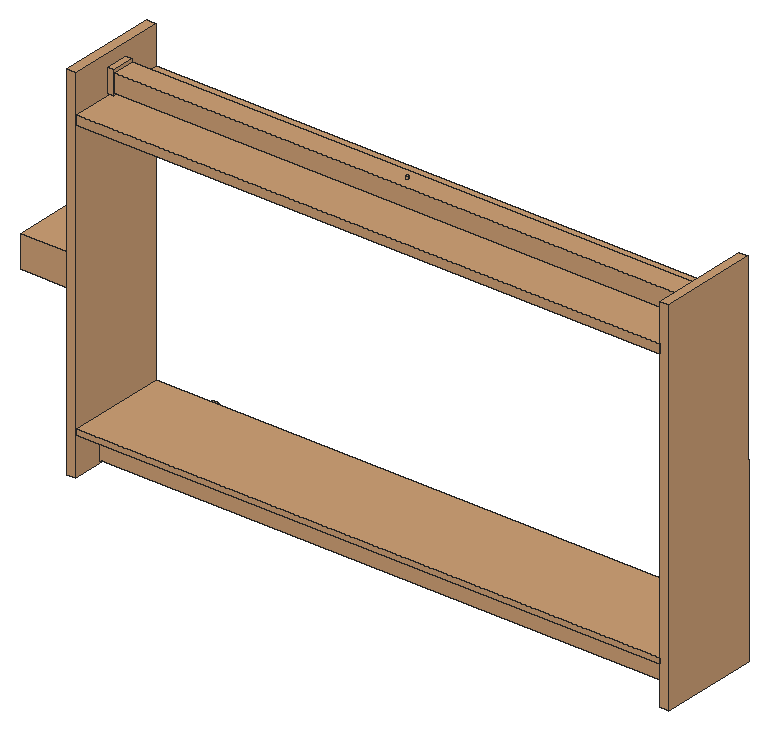
Revit family
Parameters
  Center of Unit = 0' - 0"  # constant formula
  Total Heating Capacity [instance] = 0.0 Btu/h
  Series = "VIFB"
  Outlet Area = 53.60 SF
  Lower Frame Thickness = if(Headers Height = 0' 3", 0' 1 1/4", if(Headers Height = 0' 3 1/4", 0' 1 1/4", 0' 0"))  # 0' - 1 1/4"
  Water Pressure Drop [instance] = 0.00 psi
  Water Flow [instance] = 0 GPM
  Unit Weight (lbs) = 1579
  URL = "http://www.ljwing.com/"
  Water Outlet Radius = 0' - 1 1/2"
  Headers Height = if(M = 0' 1", 0' 3", if(M = 0' 1 1/2", 0' 3 1/4", 0' 0"))  # 0' - 3 1/4"
  Number of Rows = 2  # constant formula
  Number of Coils [instance] = 0
  Nominal Length = 11' - 0 5/8"
  N = 1' - 0 3/4"
  Model = "VD-12W"
  Manufacturer = "LJ Wing"
  M = 0' - 1 1/2"
  Leaving Water Temperature [instance] = 0 °F
  Leaving Air Temperature [instance] = 0 °F
  Entering Water Temperature [instance] = 0 °F
  Entering Air Temperature [instance] = 0 °F
  Description = "Vertical Integral Face & Bypass Water Heating Coils"
  Hot Water Inlet  Radius = 0' - 1 1/2"
  Coil Face Area = Outlet Area * 0.56  # 30.016 SF
  Casing Material = ""
  Assembly Code = "D3020300"
  Air Vent Radius = 0' - 0 1/4"
  Air Pressure Drop [instance] = 0.00 in-wg
  Air Inlet Width = Nominal Length - 0' 4"  # 10' - 8 5/8"
  Air Inlet Height = Y  # 5' - 0"
  Air Flow [instance] = 0 CFM
  Y = 5' - 0"
  S = 0' - 9 3/4"  # constant formula
  Product URL = "http://www.ljwing.com/html/vifb.asp"
  OmniClass = "23-75 70 21 14 "
  Nominal Height = 6' - 8"
  Nominal Depth = 1' - 10"
  R = 0' - 10 1/4"  # constant formula
  Q = 0' - 3 5/16"
Reference planes (in)
  plane 1 "Center (Front/Back)": y = 0
  plane 2: z = -30
  plane 3 "Center (Left/Right)": x = 0
  plane 4: z = 40.25
  plane 5: x = -66.3125
  plane 6: x = 66.3125
  plane 7: z = -39.75
  plane 8: z = 0
  plane 9: y = -11
  plane 10: y = 11
  plane 11: z = 30
  plane 12: z = 32
  plane 13: z = -31.25
  plane 14: x = 64.3125
  plane 15: x = -64.3125
  plane 16: x = -63
  plane 17: x = 63
  plane 18: y = 14.0625
  plane 19: x = -77.3125
  plane 20: z = 37.125
  plane 21: z = 33.125
  plane 22: y = -2.5
  plane 23: y = 2.5
  plane 24: y = -4.5
  plane 25: z = -37.375
  plane 26: x = -53.5625
  plane 27: x = 53.5625
  plane 28: z = -33.375
Forms (in)
  Extrusion 1, solid, material "Painted Finish"
    sketch origin (0, 6, -9.75) x (1, 0, 0) y (0, 0, 1)
      loop
        line (-66.3125, -30) -> (-64.3125, -30) -> (-64.3125, 50) -> (-66.3125, 50) -> (-66.3125, -30)
      loop
        line (66.3125, -30) -> (66.3125, 50) -> (64.3125, 50) -> (64.3125, -30) -> (66.3125, -30)
    from -5 to 17
  Extrusion 2, solid, material "Painted Finish"
    sketch origin (0, 6, 0) x (1, 0, 0) y (0, 0, 1)
      loop
        line (64.3125, -30) -> (-64.3125, -30) -> (-64.3125, -31.25) -> (64.3125, -31.25) -> (64.3125, -30)
      loop
        line (64.3125, 30) -> (64.3125, 32) -> (-64.3125, 32) -> (-64.3125, 30) -> (64.3125, 30)
    from -5 to 17
  Extrusion 3, solid, material "Painted Finish"
    sketch origin (0, 10, -0.5) x (1, 0, 0) y (0, 0, 1)
      loop
        line (-66.3125, 4) -> (-77.3125, 4) -> (-77.3125, -3) -> (-66.3125, -3) -> (-66.3125, 4)
    from 0 to 20
  Extrusion 4, solid, material "Painted Finish"
    sketch origin (0, 6, 0) x (1, 0, 0) y (0, 0, 1)
      loop
        line (-62.6875, 37.125) -> (-62.6875, 33.125) -> (62.6875, 33.125) -> (62.6875, 37.125) -> (-62.6875, 37.125)
    from 3.5 to 8.5
  Extrusion 5, solid, material "Painted Finish"
    sketch origin (0, 0, 0) x (1, 0, 0) y (0, 0, 1)
      loop
        line (-62.6875, 32.625) -> (-62.6875, 37.625) -> (-64.3125, 37.625) -> (-64.3125, 32.625) -> (-62.6875, 32.625)
      loop
        line (64.3125, 32.625) -> (64.3125, 37.625) -> (62.6875, 37.625) -> (62.6875, 32.625) -> (64.3125, 32.625)
    from -2.5 to 2.5
  Extrusion 6, solid, material "Painted Finish"
    sketch origin (0, 6, 0) x (1, 0, 0) y (0, 0, 1)
      loop
        line (-63.8125, -31.75) -> (-63.8125, -31.5) -> (-64.3125, -31.5) -> (-64.3125, -35.25) -> (-63.8125, -35.25) -> (-63.8125, -35) -> (63.8125, -35) -> (63.8125, -35.25) -> (64.3125, -35.25) -> (64.3125, -31.5) -> (63.8125, -31.5) -> (63.8125, -31.75) -> (-63.8125, -31.75)
      loop
        line (63.8125, -39) -> (63.8125, -39.125) -> (64.3125, -39.125) -> (64.3125, -35.5) -> (63.8125, -35.5) -> (63.8125, -35.75) -> (-63.8125, -35.75) -> (-63.8125, -35.5) -> (-64.3125, -35.5) -> (-64.3125, -39.25) -> (-63.8125, -39.25) -> (-63.8125, -39) -> (63.8125, -39)
    from -5 to 10.5
  Extrusion 7, void
    sketch origin (0, 0, 0) x (1, 0, 0) y (0, 0, 1)
      loop
        line (-64.3125, 30) -> (-64.3125, -30) -> (64.3125, -30) -> (64.3125, 30) -> (-64.3125, 30)
    from -11 to 11
  Extrusion 8, solid, material "Painted Finish"
    sketch origin (0, 0, 0) x (1, 0, 0) y (0, 0, 1)
      loop
        circle (53.5625, -37.375) r 1.5
      loop
        circle (-53.5625, -33.375) r 1.5
    from -14.0625 to -11
  Extrusion 9, solid, material "Painted Finish"
    sketch origin (0, 0, 0) x (1, 0, 0) y (0, 1, 0)
      loop
        circle (0, 0) r 0.25
    from 37.125 to 37.625
Cuts and joins
  Extrusion 7 cuts Extrusion 1
  Extrusion 7 cuts Extrusion 2
Dimensions and locks (in)
  "Nominal Length": plane 6 to plane 5
  equal spacing: plane 6, plane 3 "Center (Left/Right)", plane 5
  "S": plane 2 to plane 7
  "Nominal Depth": plane 10 to plane 9
  equal spacing: plane 10, plane 1 "Center (Front/Back)", plane 9
  "Y": plane 11 to plane 2
  "R": plane 4 to plane 11
  locked: plane 12 to plane 11 at 2
  "Lower Frame Thickness": plane 2 to plane 13
  "Q": plane 16 to plane 5
  "Q": plane 6 to plane 17
  locked: plane 18 to plane 10 at 3.0625
  locked: plane 5 to plane 19 at 11
  locked: Extrusion 3 sketch curve to Extrusion 3 sketch curve at 7
  locked: Extrusion 3 to Extrusion 3 at 20
  locked: plane 6 to plane 14 at 2
  locked: plane 15 to plane 5 at 2
  locked: Extrusion 5 sketch curve to plane 20 at 0.5
  locked: plane 21 to Extrusion 5 sketch curve at 0.5
  locked: plane 20 to plane 21 at 4
  locked: plane 23 to plane 22 at 5
  equal spacing: plane 23, plane 1 "Center (Front/Back)", plane 22
  locked: plane 22 to plane 24 at 2
  plane 4 to plane 7 = 6' - 8"
  locked: Extrusion 5 sketch curve to Extrusion 1 at 1.625
  locked: Extrusion 5 sketch curve to Extrusion 5 sketch curve at 1.625
  locked: Extrusion 7 sketch curve to plane 11 at 0
  locked: Extrusion 7 sketch curve to plane 15 at 0
  locked: Extrusion 7 sketch curve to plane 14 at 0
  locked: plane 15 to Extrusion 6 sketch curve at 0.5
  locked: Extrusion 6 sketch curve to Extrusion 6 sketch curve at 0.25  (x2)
  locked: plane 25 to plane 7 at 2.375
  "N": plane 26 to plane 5
  "N": plane 6 to plane 27
  locked: plane 28 to plane 7 at 6.375
  "Headers Height": Extrusion 6 sketch curve to Extrusion 6 sketch curve  (x2)
  locked: Extrusion 8 sketch curve to plane 25 at 0
  locked: Extrusion 8 sketch curve to plane 28 at 0
  locked: Extrusion 9 sketch curve to plane 1 "Center (Front/Back)" at 0
  locked: Extrusion 9 sketch curve to plane 3 "Center (Left/Right)" at 0
  equal spacing: Extrusion 6 sketch curve, plane 28, Extrusion 6 sketch curve
  equal spacing: Extrusion 6 sketch curve, plane 25, Extrusion 6 sketch curve
  locked: plane 4 to plane 20 at 3.125
  locked: Extrusion 7 sketch curve to plane 2 at 0
  equal spacing: plane 11, plane 8, plane 2
  locked: Extrusion 8 sketch curve to plane 27 at 0
  locked: Extrusion 8 sketch curve to plane 26 at 0
  "M": radius of Extrusion 8 sketch curve  (x2)
  "Air Vent Radius": radius of Extrusion 9 sketch curve
  aligned and locked: Extrusion 1 to plane 9
  aligned and locked: Extrusion 1 to plane 10
  aligned and locked: Extrusion 1 to plane 15
  aligned and locked: Extrusion 1 to plane 14
  aligned and locked: Extrusion 2 to plane 9
  aligned and locked: plane 9 to Extrusion 1
  aligned and locked: plane 10 to Extrusion 1  (x2)
  aligned and locked: Extrusion 2 to plane 10
  aligned and locked: plane 10 to Extrusion 2  (x2)
  aligned and locked: plane 9 to Extrusion 2  (x2)
  aligned and locked: plane 5 to Extrusion 3
  aligned and locked: Extrusion 5 sketch curve to plane 15
  aligned and locked: Extrusion 5 sketch curve to Extrusion 4
  aligned and locked: Extrusion 1 to Extrusion 6
  aligned and locked: plane 22 to Extrusion 5
  aligned and locked: Extrusion 5 to Extrusion 4  (x2)
  aligned and locked: Extrusion 5 to plane 23
  aligned and locked: Extrusion 6 to plane 24
  aligned and locked: Extrusion 4 to Extrusion 5  (x2)
  aligned and locked: Extrusion 5 to Extrusion 1  (x2)
  aligned and locked: Extrusion 1 to Extrusion 7  (x2)
  aligned and locked: plane 18 to Extrusion 8
  aligned and locked: Extrusion 8 to plane 10
  aligned and locked: plane 20 to Extrusion 9
  aligned and locked: Extrusion 9 to Extrusion 5
  aligned and locked: plane 2 to cut or joined group of Extrusion 2, Extrusion 7
  aligned and locked: Extrusion 1 sketch curve to plane 6
  aligned and locked: Extrusion 1 sketch curve to plane 14
  aligned and locked: Extrusion 1 sketch curve to plane 15
  aligned and locked: Extrusion 1 sketch curve to plane 5
  aligned and locked: plane 4 to Extrusion 1 sketch curve
  aligned and locked: Extrusion 1 sketch curve to plane 4
  aligned and locked: plane 7 to Extrusion 1 sketch curve
  aligned and locked: Extrusion 1 sketch curve to plane 7
  aligned and locked: Extrusion 2 sketch curve to plane 11
  aligned and locked: Extrusion 2 sketch curve to plane 12
  aligned and locked: plane 2 to Extrusion 2 sketch curve
  aligned and locked: Extrusion 2 sketch curve to plane 13
  aligned and locked: Extrusion 2 sketch curve to plane 14  (x2)
  aligned and locked: Extrusion 2 sketch curve to plane 15  (x2)
  aligned and locked: Extrusion 4 sketch curve to plane 20
  aligned and locked: Extrusion 4 sketch curve to plane 21
  aligned and locked: plane 14 to Extrusion 6 sketch curve
  aligned and locked: Extrusion 6 sketch curve to plane 14
  aligned and locked: Extrusion 6 sketch curve to plane 15  (x2)
Automatic sketch dimensions
  Extrusion 3 sketch curve to plane 19 = 0' - 0"
  Extrusion 3 sketch curve to plane 5 = 0' - 0"
  plane 8 to Extrusion 3 sketch curve = 0' - 3 1/2"
  plane 16 to Extrusion 4 sketch curve = 0' - 0 5/16"
  Extrusion 4 sketch curve to plane 17 = 0' - 0 5/16"
  plane 21 to Extrusion 5 sketch curve = 0' - 0 1/2"
  Extrusion 5 sketch curve to plane 20 = 0' - 0 1/2"
  plane 15 to Extrusion 6 sketch curve = 0' - 0 1/2"  (x2)
  Extrusion 6 sketch curve to Extrusion 6 sketch curve = 0' - 0 1/4"  (x5)
  Extrusion 6 sketch curve to Extrusion 6 sketch curve = 0' - 0"  (x2)
  Extrusion 6 sketch curve to plane 14 = 0' - 0 1/2"  (x2)
  Extrusion 6 sketch curve to Extrusion 6 sketch curve = 0' - 0 1/2"
  Extrusion 6 sketch curve to plane 7 = 0' - 0 5/8"
Connectors (in)
  hvac at (0, -11, 0), driven by "Air Inlet Height", driven by "Air Inlet Width", driven by "Air Flow", driven by "Air Pressure Drop"
    settings: on Extrusion 7, index 1
  hvac at (0, 11, 0), driven by "Air Pressure Drop", driven by "Air Inlet Height", driven by "Air Inlet Width", driven by "Air Flow"
    settings: on Extrusion 7, index 2
  piping at (-53.5625, 14.0625, -33.375), driven by "M", driven by "Water Flow", driven by "Water Pressure Drop"
    settings: on Extrusion 8, index 4
  piping at (53.5625, 14.0625, -37.375), driven by "Water Pressure Drop", driven by "Water Flow", driven by "M"
    settings: on Extrusion 8, index 5
